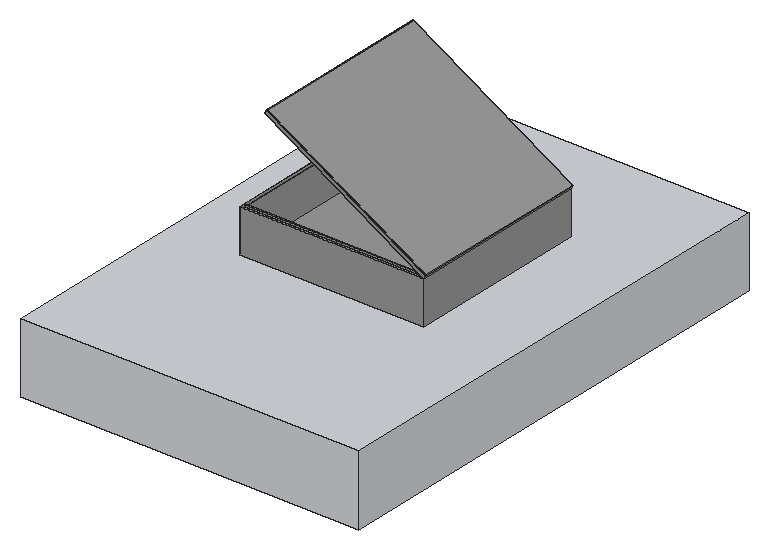
Revit family "Hager-Univers-IP54-D205-H800-Cl.II-Encl-CH-fr", category Equipement électrique, Revit 2020
Family settings
  Hôte = Face
  Configuration du panneau = Deux colonnes, circuits au sein
  Cote de connecteur circulaire = Utiliser le diamètre
  Type d'élément = Tableau de raccordement
  Couper avec des vides une fois chargée = Non
  Partagée = Non
  Point de calcul de pièce = Non
Parameters (values of type "saillie IP54 L800 H800 P205  - FP53QSW")
  Width Control [instance] = if([EF000008 - largeur] > Min Width, [EF000008 - largeur], Min Width)  # 800 mm
  Commentaires du type = [HG000003 - Gamme]  # "Univers"
  Thickness Door [instance] = if([EF009171 - épaisseur de matériau de la porte/du couvercle] > 3 mm, 3 mm, [EF009171 - épaisseur de matériau de la porte/du couvercle])  # 1 mm
  Seal Frame Offset [instance] = 17 mm  # constant formula
  Plinth Visibility [instance] = [HG000027 - Hauteur du socle] > 0 mm  # no
  Model = ""
  Min Width [instance] = 100 mm  # constant formula
  Min Height [instance] = 100 mm  # constant formula
  Min Depth [instance] = (2 * [EF009170 - épaisseur de matériau du boîtier]) + 1 mm  # 3 mm
  Internal Frame Depth [instance] = (Door System Depth * 0.5)  # 9 mm
  Height Control [instance] = if([EF000040 - hauteur] > Min Height, [EF000040 - hauteur], Min Height)  # 800 mm
  HG000027 - Hauteur du socle = 0 mm
  HG000026 - Installation au sol = no
  HG000024 - Hauteur de la section basse = 800 mm
  HG000023 - Armoire double section = no
  HG000016 - Visibilité de la porte 3D [instance] = yes
  HG000015 - Visibilité de l'emprise de la porte [instance] = no
  HG000014 - Porte à droite [instance] = yes
  HG000013 - Porte à gauche [instance] = not([HG000014 - Porte à droite])  # no
  HG000012 - Angle de pivotement de la porte [instance] = 30.00°
  HG000010 - Portes asymétriques = no
  HG000009 - Porte à double battant = no
  HG000006 - Encastré = no
  HG000004 - Référence fabricant = "FP53QSW"
  HG000003 - Gamme = "Univers"
  HG000002 - avec porte = yes
  Frame Offset Bottom [instance] = 10 mm  # constant formula
  Frame Offset [instance] = 15 mm  # constant formula
  EF015940 - couvercle avec décharge de pression = no
  EF011959 - degré de protection (NEMA) = ""
  EF009554 - nombre d'ouvertures pour plaques à bride = 6
  Fabricant = "Hager"  # constant formula
  EF009212 - finition du couvercle = "EV000116 - fermé"
  EF009171 - épaisseur de matériau de la porte/du couvercle = 1 mm
  EF009170 - épaisseur de matériau du boîtier = 1 mm
  EF008873 - courant nominal (In) = 250 A
  EF007800 - adapté à un parafoudre = no
  EF006306 - avec serrure = no
  EF006244 - couvercle/porte transparent(e) = no
  EF005474 - indice de protection (IP) = "EV006419 - IP54"
  EF004464 - type de porte = "EV002646 - unique"
  EF004427 - nombre de modules = 180
  EF004293 - indice de protection contre les chocs (IK) = "EV006815 - IK09"
  EF003532 - convient pour utilisation à l’extérieur = no
  EF002950 - largeur en nombre de modules = 36
  EF001613 - maintien de fonction = "EV000494 - sans"
  EF001596 - matériau du boîtier/corps = "EV000179 - acier"
  EF001131 - profondeur intérieure = 143 mm
  EF001088 - possibilité de montage en saillie = yes
  EF000437 - nombre d'entrées de conduit = 6
  EF000339 - type de capot = "EV001012 - couvercle"
  EF000266 - nombre de rangées = 5
  EF000218 - profondeur d'encastrement = 0 mm
  EF000118 - avec cadre/support de montage = no
  EF000116 - numéro RAL = "9010"
  EF000049 - profondeur = 205 mm
  EF000040 - hauteur = 800 mm
  EF000008 - largeur = 800 mm
  EF000007 - couleur = "EV000202 - blanc"
  EF000003 - mode de pose = "EV000384 - saillie"
  Door System Leaf Tolerance [instance] = 1.5 mm  # constant formula
  Door System Depth [instance] = 18 mm  # constant formula
  Door Height [instance] = Height Control - [HG000027 - Hauteur du socle]  # 800 mm
  Depth Control [instance] = if([EF000049 - profondeur] > Min Depth, [EF000049 - profondeur], Min Depth)  # 205 mm
  Default Elevation = 0 mm
  Connector Offset [instance] = Height Control / 2  # 400 mm
  Bottom Top Plate Trim [instance] = 1.5 mm  # constant formula
  Plinth height Ctrl [instance] = if([HG000027 - Hauteur du socle] > 0 mm, [HG000027 - Hauteur du socle], 12 mm)  # 12 mm
Types (4, lengths in mm): name | Width Control | HG000004 - Référence fabricant | EF009554 - nombre d'ouvertures pour plaques à bride | EF004464 - type de porte | EF004427 - nombre de modules | EF002950 - largeur en nombre de modules | EF001131 - profondeur intérieure | EF000437 - nombre d'entrées de conduit | EF000339 - type de capot | EF000008 - largeur
  saillie IP54 L1050 H800 P205  - FP54QSW | 1050 | "FP54QSW" | 8 | "EV003602 - double" | 240 | 48 | 130 | 8 | "EV004216 - porte" | 1050
  saillie IP54 L300 H800 P205  - FP51QSW | 300 | "FP51QSW" | 2 | "EV002646 - unique" | 60 | 12 | 130 | 2 | "EV001012 - couvercle" | 300
  saillie IP54 L550 H800 P205  - FP52QSW | 550 | "FP52QSW" | 4 | "EV002646 - unique" | 120 | 24 | 143 | 4 | "EV001012 - couvercle" | 550
  saillie IP54 L800 H800 P205  - FP53QSW | 800 | "FP53QSW" | 6 | "EV002646 - unique" | 180 | 36 | 143 | 6 | "EV001012 - couvercle" | 800
Reference planes
  plane 1 "Center (Front/Back)": y = 0
  plane 2: z = 0
  plane 3 "Center (Left/Right)": x = 0
  plane 4: z = 205
  plane 5: y = 1
  plane 6: y = 400
  plane 7: y = 0
  plane 8: y = 800
  plane 9: z = 0
  plane 10: x = -385
  plane 11: x = 385
  plane 12: x = 384
  plane 13: x = -384
  plane 14: y = 799
  plane 15: x = -383
  plane 16: x = -400
  plane 17: x = 383
  plane 18: x = 400
  plane 19: x = 399
  plane 20: x = -399
  plane 21: y = 11
  plane 22: y = 800
  plane 23: y = 784
  plane 24: z = 187
  plane 25: z = 1
  plane 26: z = 186
  plane 27: z = 204
Forms (mm)
  Extrusion 1, solid
    sketch origin (0, 0, 0) x (1, 0, 0) y (0, 1, 0)
      loop
        line (-702.964, 1305) -> (-702.964, -811.445) -> (766.763, -811.445) -> (766.763, 1305) -> (-702.964, 1305)
    from 0 to -304.8
  Extrusion 2, solid, material "Hager_Steel_RAL7035_Light_Grey", visible <- "Plinth Visibility", detail levels medium+fine
    sketch origin (0, 0, 0) x (1, 0, 0) y (0, 1, 0)
      loop
        line (-400, 0) -> (400, 0) -> (400, 12) -> (-400, 12) -> (-400, 0)
    from 0 to 187
  Extrusion 3, solid, material "Hager_Steel_RAL7035_Light_Grey", detail levels medium+fine
    sketch origin (0, 0, 0) x (1, 0, 0) y (0, 1, 0)
      loop
        line (-400, 0) -> (400, 0) -> (400, 800) -> (-400, 800) -> (-400, 0)
    from 0 to 187
  Extrusion 4, void
    sketch origin (0, 0, 0) x (1, 0, 0) y (0, 1, 0)
      loop
        line (-399, 1) -> (399, 1) -> (399, 799) -> (-399, 799) -> (-399, 1)
    from 1 to 186
  Extrusion 5, void
    sketch origin (-381.607, -4572, 187) x (0, -1, 0) y (-1, 0, 0)
      loop
        line (-4583, 2.393) -> (-5356, 2.393) -> (-5356, -765.607) -> (-4583, -765.607) -> (-4583, 2.393)
    from 0 to 1 <- "EF009170 - épaisseur de matériau du boîtier"
  Extrusion 6, solid, material "Hager_Steel_RAL7035_Light_Grey", detail levels fine
    sketch origin (0, 0, 187) x (1, 0, 0) y (0, 1, 0)
      loop
        line (-384, 784) -> (-384, 11) -> (384, 11) -> (384, 784) -> (-384, 784)
      loop
        line (-385, 10) -> (385, 10) -> (385, 785) -> (-385, 785) -> (-385, 10)
    from 0 to 9 <- "Internal Frame Depth"
  Extrusion 7, solid, material "Hager_Steel_RAL7035_Light_Grey", detail levels coarse
    sketch origin (0, 0, 0) x (1, 0, 0) y (0, 1, 0)
      loop
        line (-400, 0) -> (400, 0) -> (400, 800) -> (-400, 800) -> (-400, 0)
    from 0 to 205
  Sweep 8, void
    path in 3D
      loop
        line (-400, 12, 0) -> (400, 12, 0) -> (400, 12, 187) -> (-400, 12, 187) -> (-400, 12, 0)
    profile origin (-400, 12, 93.5) x (-1, 0, 0) y (0, -1, 0)
      loop
        line (0, 0) -> (0, 1.5) -> (-1.5, 1.5)
        arc (-1.5, 1.5) -> (-1.061, 0.439) -> (0, 0) r 1.5
Cuts and joins
  Extrusion 4, Extrusion 5 cuts Extrusion 3
  Sweep 8 cuts Extrusion 2
Lines and regions (mm)
  Masking region 1
    outline origin (0, 0, 0) x (1, 0, 0) y (0, 0, 1)
      loop
        line (-400, 205) -> (-400, 0) -> (400, 0) -> (400, 205) -> (-400, 205)
  Masking region 2, detail levels medium+fine
    outline origin (0, 140, 0) x (0, 1, 0) y (0, 0, 1)
      loop
        line (-140, 0) -> (660, 0) -> (660, 187) -> (-140, 187) -> (-140, 0)
  Masking region 3, not visible, detail levels medium+fine
    outline origin (0, 297.922, 0) x (0, 1, 0) y (0, 0, 1)
      loop
        line (113.578, 0) -> (153.578, 0) -> (153.578, 194)
        arc (153.578, 194) -> (150.649, 201.071) -> (143.578, 204) r 10
        line (143.578, 204) -> (113.578, 204) -> (113.578, 0)
  Masking region 4, detail levels coarse
    outline origin (0, 0, 180) x (0, 1, 0) y (0, 0, 1)
      loop
        line (0, -180) -> (800, -180) -> (800, 25) -> (0, 25) -> (0, -180)
  Masking region 5, visible <- "Plinth Visibility", detail levels medium+fine
    outline origin (0, 52.24, 12.345) x (0, 0, -1) y (0, 1, 0)
      loop
        line (10.845, -40.24) -> (-173.155, -40.24)
        arc (-173.155, -40.24) -> (-173.594, -41.301) -> (-174.655, -41.74) r 1.5
        line (-174.655, -41.74) -> (-174.655, -52.24) -> (12.345, -52.24) -> (12.345, -41.74)
        arc (12.345, -41.74) -> (11.285, -41.301) -> (10.845, -40.24) r 1.5
  Masking region 6, detail levels medium+fine
    outline origin (-381.607, -4572, 187) x (-1, 0, 0) y (0, -1, 0)
      loop
        line (18.393, -5372) -> (18.393, -4572) -> (-781.607, -4572) -> (-781.607, -5372) -> (18.393, -5372)
  Masking region 7, visible <- "Plinth Visibility", detail levels medium+fine
    outline origin (-381.607, -4727, 187) x (-1, 0, 0) y (0, -1, 0)
      loop
        arc (16.893, -4739) -> (17.332, -4737.939) -> (18.393, -4737.5) r 1.5
        line (18.393, -4737.5) -> (18.393, -4727) -> (-781.607, -4727) -> (-781.607, -4737.5)
        arc (-781.607, -4737.5) -> (-780.546, -4737.939) -> (-780.107, -4739) r 1.5
        line (-780.107, -4739) -> (16.893, -4739)
  Masking region 8, detail levels coarse
    outline origin (-442.548, -4669.526, 187) x (-1, 0, 0) y (0, -1, 0)
      loop
        line (-42.548, -5469.526) -> (-42.548, -4669.526) -> (-842.548, -4669.526) -> (-842.548, -5469.526) -> (-42.548, -5469.526)
  sketch lines
    curve 1: line (-400, 12, 187) -> (-400, 12, 0)
    curve 2: line (400, 12, 187) -> (-400, 12, 187)
    curve 3: line (400, 12, 187) -> (400, 12, 0)
    curve 4: line (-400, 12, 0) -> (400, 12, 0)
Dimensions and locks
  "Depth Control": plane 4 to Extrusion 1
  "HG000027 - Hauteur du socle": plane 1 "Center (Front/Back)" to plane 7
  "EF009170 - épaisseur de matériau du boîtier": plane 5 to plane 7
  locked: connector elem to plane 3 "Center (Left/Right)"
  equal spacing: plane 8, plane 6, plane 7
  locked: connector elem to plane 6
  "EF009170 - épaisseur de matériau du boîtier": plane 8 to plane 14
  "EF009170 - épaisseur de matériau du boîtier": plane 10 to plane 13
  "EF009170 - épaisseur de matériau du boîtier": plane 12 to plane 11
  "Frame Offset": plane 20 to plane 13
  "Frame Offset": plane 12 to plane 19
  "EF009170 - épaisseur de matériau du boîtier": plane 16 to plane 20
  "EF009170 - épaisseur de matériau du boîtier": plane 19 to plane 18
  "Seal Frame Offset": plane 16 to plane 15
  "Seal Frame Offset": plane 17 to plane 18
  "Frame Offset Bottom": plane 21 to plane 5
  "Frame Offset": plane 14 to plane 23
  equal spacing: plane 16, plane 3 "Center (Left/Right)", plane 18
  "Width Control": plane 16 to plane 18
  "EF009170 - épaisseur de matériau du boîtier": plane 4 to plane 27
  "EF009170 - épaisseur de matériau du boîtier": plane 24 to plane 26
  "EF009170 - épaisseur de matériau du boîtier": plane 25 to level
  "Door System Depth": plane 4 to plane 24
  "Height Control": plane 1 "Center (Front/Back)" to Extrusion 7 sketch curve
  "Height Control": Masking region 4 sketch curve to plane 1 "Center (Front/Back)"
  "Height Control": plane 1 "Center (Front/Back)" to plane 22
  "Bottom Top Plate Trim": profile plane to Sweep 8 sketch curve
  "Bottom Top Plate Trim": Sweep 8 sketch curve to profile plane
  "Plinth height Ctrl": plane 1 "Center (Front/Back)" to Extrusion 2 sketch curve
  "Plinth height Ctrl": Masking region 5 sketch curve to plane 1 "Center (Front/Back)"
  "Plinth height Ctrl": plane 1 "Center (Front/Back)" to Masking region 7 sketch curve
  "Thickness Door": Extrusion 6 sketch curve to Extrusion 6 sketch curve  (x3)
  "Thickness Door": cut or joined group of Extrusion 3, Extrusion 4, Extrusion 5 to Extrusion 6 sketch curve
  radius of Masking region 3 sketch curve = 10 mm
  "Bottom Top Plate Trim": radius of Masking region 5 sketch curve  (x2)
  "Bottom Top Plate Trim": radius of Sweep 8 sketch curve
  "Bottom Top Plate Trim": radius of Masking region 7 sketch curve  (x2)
  aligned and locked: plane 2 to Extrusion 1
  aligned and locked: level to Extrusion 1
  aligned and locked: level to Masking region 1 sketch curve
  aligned and locked: Masking region 1 sketch curve to plane 18
  aligned and locked: Masking region 1 sketch curve to plane 16
  aligned and locked: plane 7 to Masking region 2 sketch curve
  aligned and locked: level to Masking region 3 sketch curve
  aligned and locked: Masking region 3 sketch curve to plane 27
  aligned and locked: level to Masking region 2 sketch curve
  aligned and locked: plane 1 "Center (Front/Back)" to Extrusion 2 sketch curve
  aligned and locked: Extrusion 3 sketch curve to plane 7
  aligned and locked: plane 16 to Extrusion 3 sketch curve
  aligned and locked: plane 18 to Extrusion 3 sketch curve
  aligned and locked: plane 20 to Extrusion 4 sketch curve
  aligned and locked: plane 19 to Extrusion 4 sketch curve
  aligned and locked: Extrusion 4 sketch curve to plane 5
  aligned and locked: Extrusion 4 to plane 25
  aligned and locked: plane 26 to Extrusion 4
  aligned and locked: plane 24 to Extrusion 3
  aligned and locked: Extrusion 5 sketch curve to plane 21
  aligned and locked: Extrusion 5 sketch curve to plane 13
  aligned and locked: Extrusion 5 sketch curve to plane 12
  aligned and locked: plane 18 to Extrusion 7 sketch curve
  aligned and locked: plane 1 "Center (Front/Back)" to Extrusion 7 sketch curve
  aligned and locked: plane 16 to Extrusion 7 sketch curve
  aligned and locked: plane 4 to Extrusion 7
  aligned and locked: Extrusion 7 to level
  aligned and locked: level to Masking region 4 sketch curve
  aligned and locked: Masking region 4 sketch curve to plane 1 "Center (Front/Back)"
  aligned and locked: Masking region 4 sketch curve to plane 4
  aligned and locked: nested 1 to level
  aligned and locked: nested 1 to plane 16
  aligned and locked: plane 8 to Extrusion 3 sketch curve
  aligned and locked: plane 23 to Extrusion 5 sketch curve
  aligned and locked: plane 14 to Extrusion 4 sketch curve
  aligned and locked: Masking region 2 sketch curve to plane 8
  aligned and locked: level to Masking region 5 sketch curve
  aligned and locked: plane 16 to Extrusion 2 sketch curve
  aligned and locked: plane 18 to Extrusion 2 sketch curve
  aligned and locked: Masking region 5 sketch curve to plane 24
  aligned and locked: Masking region 2 sketch curve to plane 24
  aligned and locked: plane 24 to Extrusion 2
  aligned and locked: profile plane to Sweep 8 sketch curve  (x2)
  aligned and locked: Masking region 6 sketch curve to plane 18
  aligned and locked: Masking region 6 sketch curve to plane 22
  aligned and locked: Masking region 6 sketch curve to plane 16
  aligned and locked: plane 8 to plane 22
  aligned and locked: Masking region 6 sketch curve to plane 7
  aligned and locked: Masking region 7 sketch curve to plane 16
  aligned and locked: Masking region 7 sketch curve to plane 1 "Center (Front/Back)"
  aligned and locked: Masking region 7 sketch curve to plane 18
  aligned and locked: Masking region 8 sketch curve to plane 1 "Center (Front/Back)"
  aligned and locked: Masking region 8 sketch curve to plane 18
  aligned and locked: Masking region 8 sketch curve to plane 22
  aligned and locked: Masking region 8 sketch curve to plane 16
  aligned and locked: nested 2 to plane 7
  aligned and locked: plane 3 "Center (Left/Right)" to nested 2
  aligned and locked: nested 2 to plane 24
  aligned and locked: Extrusion 6 sketch curve to cut or joined group of Extrusion 3, Extrusion 4, Extrusion 5  (x4)
Automatic sketch dimensions
  Extrusion 1 sketch curve to Extrusion 1 sketch curve = 1469.727 mm
  Extrusion 1 sketch curve to Extrusion 1 sketch curve = 2116.445 mm
  Masking region 1 sketch curve to plane 4 = 0 mm
  plane 6 to Masking region 3 sketch curve = 11.5 mm
  Masking region 3 sketch curve to Masking region 3 sketch curve = 30 mm
  Masking region 5 sketch curve to plane 1 "Center (Front/Back)" = 0 mm
Nested families
  nested 1: "Hager_Enclosure_Symbol" at (-400, 0, 0) x (1, 0, 0) z (0, -1, 0), Height <- "Depth Control", Width <- "Width Control", type "Hager_Enclosure_Symbol"
    with Width_Ctrl 800 mm, Width 800 mm, Height_Ctrl 205 mm, Height 205 mm, A_Width_Int 13.453 mm, A_Width 161.438 mm, A_Height_Ctrl 179.375 mm, A_Height 179.375 mm
  nested 2: "EC000058_Univers_Door" at (0, 0, 187) x (1, 0, 0) z (0, 1, 0), Leaf_Tolerance <- "Door System Leaf Tolerance", Angle <- "HG000012 - Angle de pivotement de la porte", Door_Depth <- "Door System Depth", Door_Left <- "HG000013 - Porte à gauche", Transparent <- "EF006244 - couvercle/porte transparent(e)", Assymetrical <- "HG000010 - Portes asymétriques", Width <- "Width Control", Clearance <- "HG000015 - Visibilité de l'emprise de la porte", Double <- "HG000009 - Porte à double battant", 3d_Door <- "HG000016 - Visibilité de la porte 3D", Lock_Visibility <- "EF006306 - avec serrure", Width_Ctrl <- "Width Control", Door_Right <- "HG000014 - Porte à droite", Door <- "HG000002 - avec porte", Height <- "Door Height", Thickness <- "Thickness Door", type "EC000058_Univers_Door", detail levels medium+fine
    with min_wh 3 mm, Width_Ctrl 800 mm, Width 800 mm, Transparent no, Thickness 1 mm, Seal_Material Hager_Rubber, Lock_Visibility no, Lock_Material Hager_Plastic_RAL9005_Jet_Black, Leaf_Width 800 mm, Leaf_Tolerance_External_Sides 0 mm, Leaf_Tolerance 1.5 mm, Leaf_Offset 0 mm, Leaf_Height 797 mm, Leaf_2_Width 800 mm, Leaf_2_Offset 400 mm, Leaf_1_Width 800 mm, Leaf_1_Offset 400 mm, Height_Ctrl 800 mm, Height 800 mm, Glass_Material Hager_Glass, Double_Clearance_Ctrl no, Double no, Door_Right_Ctrl yes, Door_Right yes, Door_Material Hager_Steel_RAL7035_Light_Grey, Door_Left_Ctrl no, Door_Left no, Door_Depth 18 mm, Door yes, Clearance_Material Hager_Clearance, Clearance_Depth 800 mm, Clearance_Ctrl no, Clearance no, Assymetrical no, Angle 30.00°, 3d_Door yes
Connectors
  electrical at (0, 400, 0)
    settings: on plane 9, index 1, voltage 0 V, apparent load 0 VA, apparent load phase1 0 VA, apparent load phase2 0 VA, apparent load phase3 0 VA, power factor 1, load classification "Other", number of poles 1, system type 30, power factor state 1, is connector primary yes, connector utility no, sub classification motor no, connector description ""
Definition of nested family "EC000058_Univers_Door"
  Parameters (values of type "EC000058_Univers_Door")
    min_wh [instance] = (2 * Thickness) + 1 mm  # 11 mm
    Width_Ctrl [instance] = 400 mm
    Width [instance] = 500 mm
    Transparent [instance] = yes
    Thickness [instance] = 5 mm
    Seal_Material [instance] = none
    Lock_Visibility [instance] = yes
    Lock_Material [instance] = none
    Leaf_Width [instance] = if((Width_Ctrl - 2 * Leaf_Tolerance_External_Sides) > 0 mm, (Width_Ctrl - 2 * Leaf_Tolerance_External_Sides), min_wh)  # 400 mm
    Leaf_Tolerance_External_Sides [instance] = 0 mm  # constant formula
    Leaf_Tolerance [instance] = 1.5 mm
    Leaf_Offset [instance] = 0 mm  # constant formula
    Leaf_Height [instance] = if((Height_Ctrl - 2 * Leaf_Tolerance) > 0 mm, (Height_Ctrl - 2 * Leaf_Tolerance), min_wh)  # 497 mm
    Leaf_2_Width [instance] = if(and(and(Double, Assymetrical), Door_Left), (Leaf_Width / 3) - (Leaf_Tolerance / 2), if(and(and(Double, Assymetrical), Door_Right), (Leaf_Width / 3) * 2 - (Leaf_Tolerance / 2), if(and(Double, not(Assymetrical)), (Leaf_Width / 2) - Leaf_Tolerance, Leaf_Width)))  # 400 mm
    Leaf_2_Offset [instance] = if(and(Double, Assymetrical), Leaf_2_Width / 2, if(and(Double, not(Assymetrical)), Leaf_Width / 4, Leaf_Width / 2))  # 200 mm
    Leaf_1_Width [instance] = if(and(and(Double, Assymetrical), Door_Right), (Leaf_Width / 3) - (Leaf_Tolerance / 2), if(and(and(Double, Assymetrical), Door_Left), (Width / 3) * 2 - (Leaf_Tolerance / 2), if(and(Double, not(Assymetrical)), (Leaf_Width / 2) - Leaf_Tolerance, Leaf_Width)))  # 400 mm
    Leaf_1_Offset [instance] = if(and(Double, Assymetrical), Leaf_1_Width / 2, if(and(Double, not(Assymetrical)), Leaf_Width / 4, Leaf_Width / 2))  # 200 mm
    Height_Ctrl [instance] = if(Height > min_wh, Height, min_wh)  # 500 mm
    Height [instance] = 500 mm
    Glass_Material [instance] = none
    Double_Clearance_Ctrl [instance] = and(Double, Clearance)  # no
    Double [instance] = no
    Door_Right_Ctrl [instance] = and(or(Door_Right, Double), Door)  # yes
    Door_Right [instance] = yes
    Door_Material [instance] = none
    Door_Left_Ctrl [instance] = and(or(Door_Left, Double), Door)  # no
    Door_Left [instance] = no
    Door_Depth [instance] = 30 mm
    Door [instance] = yes
    Default Elevation = 1219.2 mm
    Clearance_Material [instance] = none
    Clearance_Depth [instance] = if(Leaf_1_Width > Leaf_2_Width, Leaf_1_Width, Leaf_2_Width)  # 400 mm
    Clearance_Ctrl [instance] = and(not(Double), Clearance)  # yes
    Clearance [instance] = yes
    Assymetrical [instance] = yes
    Angle [instance] = 30.00°
    3d_Door [instance] = yes
  Reference planes
    plane 1 "Center (Front/Back)": y = 0
    plane 2 "Bottom": z = 0
    plane 3 "Center (Left/Right)": x = 0
    plane 4: z = 500
    plane 5: x = -200
    plane 6: x = 200
    plane 7: z = 500
    plane 8: x = -200
    plane 9: z = 0
    plane 10: x = 200
    plane 11: y = 0
    plane 12: z = 1.5
    plane 13: x = -600
    plane 14: y = -400
    plane 15: x = 600
    plane 16: x = 0
    plane 17: x = 0
    plane 18: x = -200
    plane 19: x = 200
    plane 20: z = 498.5
  Forms (mm)
    Extrusion 1, solid, material <- "Clearance_Material", visible <- "Double_Clearance_Ctrl"
      sketch origin (1200, 0, 0) x (1, 0, 0) y (0, 0, -1)
        loop
          line (-1800, -498.5) -> (-600, -498.5) -> (-600, 0) -> (-1800, 0) -> (-1800, -498.5)
      from 0 to -400
  Dimensions and locks
    equal spacing: plane 5, plane 3 "Center (Left/Right)", plane 6
    "Width_Ctrl": plane 5 to plane 6
    "Leaf_Offset": plane 5 to plane 8
    "Leaf_Offset": plane 6 to plane 10
    "Leaf_Offset": plane 9 to level
    "Leaf_Offset": plane 4 to plane 7
    "Height_Ctrl": plane 4 to level
    "Leaf_Tolerance": plane 12 to plane 9
    locked: plane 11 to plane 1 "Center (Front/Back)"
    "Leaf_1_Offset": plane 18 to plane 16
    "Leaf_2_Offset": plane 17 to plane 19
    "Leaf_1_Width": plane 13 to plane 8
    "Leaf_2_Width": plane 10 to plane 15
    "Clearance_Depth": plane 14 to plane 1 "Center (Front/Back)"
    "Leaf_Tolerance_External_Sides": plane 8 to plane 18
    "Leaf_Tolerance_External_Sides": plane 19 to plane 10
    "Leaf_Tolerance": plane 7 to plane 20
    aligned and locked: level to plane 2 "Bottom"
    aligned and locked: nested 1 to plane 16
    aligned and locked: nested 2 to plane 17
    aligned and locked: Extrusion 1 to plane 13
    aligned and locked: plane 15 to Extrusion 1
    aligned and locked: Extrusion 1 to plane 14
    aligned and locked: plane 12 to nested 1
    aligned and locked: nested 2 to plane 12
    aligned and locked: Extrusion 1 to plane 11
    aligned and locked: plane 20 to Extrusion 1
    aligned and locked: nested 2 to plane 11
    aligned and locked: nested 1 to plane 11
  Automatic sketch dimensions
    Extrusion 1 sketch curve to level = 0 mm
    plane 5 to Extrusion 1 sketch curve = 400 mm
    plane 6 to Extrusion 1 sketch curve = 400 mm
    Extrusion 1 sketch curve to plane 4 = 1.5 mm
  Nested families
    nested 1: "EC000058_Univers_Door_Leaf" at (0, 0, 1.5), Width <- "Leaf_1_Width", visible <- "Door_Left_Ctrl", Leaf_Height <- "Leaf_Height", Angle <- "Angle", 3d_Door <- "3d_Door", Transparent <- "Transparent", Clearance Material <- "Clearance_Material", Clearance <- "Clearance_Ctrl", Door_Material <- "Door_Material", Glass_Material <- "Glass_Material", Door_Depth <- "Door_Depth", Lock_Material <- "Lock_Material", Seal_Material <- "Seal_Material", Lock_Visibility <- "Lock_Visibility", Thickness <- "Thickness", type "EC000058_Univers_Door_Leaf"
      with Width 400 mm, Transparent_Glass_Offset 30 mm, Transparent_Ctrl yes, Transparent yes, Thickness 5 mm, Standard no, Seal_Material none, Seal_D2 8 mm, Seal_D1 1 mm, Offset_Internal_Frame 10 mm, Lock_Width 20 mm, Lock_Visibility_3d yes, Lock_Visibility yes, Lock_Thickness_3 3 mm, Lock_Thickness_2 1 mm, Lock_Thickness_1 3 mm, Lock_Radius_Offset_2 16 mm, Lock_Radius_Offset_1 15 mm, Lock_Radius_2 5 mm, Lock_Radius 6 mm, Lock_Offset 5 mm, Lock_Material none, Lock_Height 80 mm, Lock_Cover_Top_Offset_2d 17 mm, Lock_Cover_Height -65 mm, Leaf_Height 497 mm, Internal_Seal_Thickness 8 mm, Internal_Seal_Depth_2 4.5 mm, Internal_Frame_Depth 25 mm, Glass_Thickness -1 mm, Glass_Offset -2 mm, Glass_Material none, Door_Material none, Door_Depth 30 mm, Clearance Material none, Clearance yes, Angle_Ctrl 30.00°, Angle 30.00°, 3d_Door yes
    nested 2: "EC000058_Univers_Door_Leaf" at (0, 0, 1.5) x (-1, 0, 0) z (0, 0, 1), Width <- "Leaf_2_Width", visible <- "Door_Right_Ctrl", Leaf_Height <- "Leaf_Height", Angle <- "Angle", 3d_Door <- "3d_Door", Transparent <- "Transparent", Clearance Material <- "Clearance_Material", Clearance <- "Clearance_Ctrl", Door_Material <- "Door_Material", Glass_Material <- "Glass_Material", Door_Depth <- "Door_Depth", Lock_Material <- "Lock_Material", Seal_Material <- "Seal_Material", Lock_Visibility <- "Lock_Visibility", Thickness <- "Thickness", type "EC000058_Univers_Door_Leaf"
      with Width 400 mm, Transparent_Glass_Offset 30 mm, Transparent_Ctrl yes, Transparent yes, Thickness 5 mm, Standard no, Seal_Material none, Seal_D2 8 mm, Seal_D1 1 mm, Offset_Internal_Frame 10 mm, Lock_Width 20 mm, Lock_Visibility_3d yes, Lock_Visibility yes, Lock_Thickness_3 3 mm, Lock_Thickness_2 1 mm, Lock_Thickness_1 3 mm, Lock_Radius_Offset_2 16 mm, Lock_Radius_Offset_1 15 mm, Lock_Radius_2 5 mm, Lock_Radius 6 mm, Lock_Offset 5 mm, Lock_Material none, Lock_Height 80 mm, Lock_Cover_Top_Offset_2d 17 mm, Lock_Cover_Height -65 mm, Leaf_Height 497 mm, Internal_Seal_Thickness 8 mm, Internal_Seal_Depth_2 4.5 mm, Internal_Frame_Depth 25 mm, Glass_Thickness -1 mm, Glass_Offset -2 mm, Glass_Material none, Door_Material none, Door_Depth 30 mm, Clearance Material none, Clearance yes, Angle_Ctrl 30.00°, Angle 30.00°, 3d_Door yes
  Definition of nested family "EC000058_Univers_Door_Leaf"
    Parameters (values of type "EC000058_Univers_Door_Leaf")
      Width [instance] = 2000 mm
      Transparent_Glass_Offset [instance] = 30 mm
      Transparent_Ctrl [instance] = and(Transparent, [3d_Door])  # yes
      Transparent [instance] = yes
      Thickness [instance] = 5 mm
      Standard [instance] = and(not(Transparent), [3d_Door])  # no
      Seal_Material [instance] = none
      Seal_D2 [instance] = 8 mm  # constant formula
      Seal_D1 [instance] = 1 mm  # constant formula
      Offset_Internal_Frame [instance] = 10 mm  # constant formula
      Lock_Width [instance] = 20 mm  # constant formula
      Lock_Visibility_3d [instance] = and(Lock_Visibility, [3d_Door])  # yes
      Lock_Visibility [instance] = yes
      Lock_Thickness_3 [instance] = 3 mm  # constant formula
      Lock_Thickness_2 [instance] = 1 mm  # constant formula
      Lock_Thickness_1 [instance] = 3 mm  # constant formula
      Lock_Radius_Offset_2 [instance] = Lock_Radius_Offset_1 + 1 mm  # 16 mm
      Lock_Radius_Offset_1 [instance] = 15 mm  # constant formula
      Lock_Radius_2 [instance] = Lock_Radius - 1 mm  # 5 mm
      Lock_Radius [instance] = 6 mm  # constant formula
      Lock_Offset [instance] = 5 mm  # constant formula
      Lock_Material [instance] = none
      Lock_Height [instance] = 80 mm  # constant formula
      Lock_Cover_Top_Offset_2d [instance] = Lock_Radius_Offset_2 + 1 mm  # 17 mm
      Lock_Cover_Height [instance] = -(Lock_Height - Lock_Radius_Offset_1)  # -65 mm
      Leaf_Height [instance] = 2720.336 mm
      Internal_Seal_Thickness [instance] = 8 mm  # constant formula
      Internal_Seal_Depth_2 [instance] = 4.5 mm  # constant formula
      Internal_Frame_Depth [instance] = if(Door_Depth - Thickness > 5 mm, Door_Depth - Thickness, 5 mm)  # 25 mm
      Glass_Thickness [instance] = if(Thickness > 15 mm, Glass_Offset + 10 mm, -1 mm)  # -1 mm
      Glass_Offset [instance] = if(Thickness > 15 mm, -(Thickness + 10 mm) / 2, -2 mm)  # -2 mm
      Glass_Material [instance] = none
      Door_Material [instance] = none
      Door_Depth [instance] = 30 mm
      Default Elevation = 0 mm
      Clearance Material [instance] = none
      Clearance [instance] = yes
      Angle_Ctrl [instance] = if(Angle > 180.00°, 180.00°, Angle)  # 90.00°
      Angle [instance] = 90.00°
      3d_Door [instance] = yes
    Reference planes
      plane 1 "Center (Front/Back)": y = 0
      plane 2: z = 0
      plane 3 "Center (Left/Right)": x = 0
      plane 4: y = 2000
      plane 5: x = -1000
      plane 6: x = 1000
      plane 7: x = -3000
      plane 8: z = 2720.336
      plane 9: z = 30
      plane 10: z = 2690.336
      plane 11: x = 970
      plane 12: x = -970
      plane 13: y = -3
      plane 14: z = 107.833
      plane 15: y = -5
      plane 16: y = -223.314
      plane 17: x = -1000
      plane 18: z = 1360.168
      plane 19: y = 30
    Forms (mm)
      Extrusion 1, solid, material <- "Clearance Material", visible <- "Clearance"
        sketch origin (0, 0, 0) x (1, 0, 0) y (0, 0, 1)
          loop
            line (-3000, 2720.336) -> (-3000, 0) -> (1000, 0) -> (1000, 2720.336) -> (-3000, 2720.336)
        from 0 to -2000
      Extrusion 2, solid, material <- "Door_Material", visible <- "Standard", detail levels medium+fine
        sketch origin (-1000, 0, 0) x (0, 1, 0) y (-1, 0, 0)
          loop
            line (0, 30) -> (0, 25) -> (2000, 25) -> (2000, 30) -> (0, 30)
        from 0 to 2720.336 <- "Leaf_Height"
      Extrusion 3, solid, material <- "Door_Material", visible <- "Transparent_Ctrl", detail levels medium+fine
        sketch origin (-1000, 0, 0) x (0, 1, 0) y (-1, 0, 0)
          loop
            line (0, 25) -> (2000, 25) -> (2000, 30) -> (0, 30) -> (0, 25)
        from 0 to 2720.336 <- "Leaf_Height"
      Extrusion 4, void
        sketch origin (-1025, 2000, 0) x (0, 1, 0) y (0, 0, -1)
          loop
            line (-30, -2690.336) -> (-30, -30) -> (-1970, -30) -> (-1970, -2690.336) -> (-30, -2690.336)
        from 0 to 5 <- "Thickness"
      Sweep 5, solid, material <- "Seal_Material", visible <- "Transparent_Ctrl", detail levels fine
        path in 3D
          loop
            line (-1025, 30, 30) -> (-1025, 30, 2690.336) -> (-1025, 1970, 2690.336) -> (-1025, 1970, 30) -> (-1025, 30, 30)
        profile origin (-1025, 1000, 30) x (1, 0, 0) y (0, 0, 1)
          loop
            line (0, 0) -> (0, -8) -> (1, -8) -> (1, 0) -> (0, 0)
      Extrusion 6, solid, material <- "Glass_Material", visible <- "Transparent_Ctrl", detail levels medium+fine
        sketch origin (-1030, 0, 0) x (0, 1, 0) y (0, 0, -1)
          loop
            line (1970, -2690.336) -> (1970, -30) -> (30, -30) -> (30, -2690.336) -> (1970, -2690.336)
        from -2 <- "Glass_Offset" to -1 <- "Glass_Thickness"
      Extrusion 7, solid, material <- "Door_Material", visible <- "3d_Door", detail levels medium+fine
        sketch origin (-1025, 2000, 0) x (0, -1, 0) y (0, 0, -1)
          loop
            line (0, -2720.336) -> (2000, -2720.336) -> (2000, 0) -> (0, 0) -> (0, -2720.336)
          loop
            line (1995, -5) -> (5, -5) -> (5, -2715.336) -> (1995, -2715.336) -> (1995, -5)
        from 0 to 25 <- "Internal_Frame_Depth"
      Sweep 8, solid, material <- "Seal_Material", visible <- "Transparent_Ctrl", detail levels fine
        path in 3D
          loop
            line (-1025, 0, 0) -> (-1025, 2000, 0) -> (-1025, 2000, 2720.336) -> (-1025, 0, 2720.336) -> (-1025, 0, 0)
        profile origin (-1025, 0, 1360.168) x (1, 0, 0) y (0, 1, 0)
          loop
            line (0, 10) -> (2.975, 10)
            arc (2.975, 10) -> (4.053, 10.447) -> (4.5, 11.525) r 1.525
            line (4.5, 11.525) -> (4.5, 16.527)
            arc (4.5, 16.527) -> (4.069, 17.569) -> (3.027, 18) r 1.473
            line (3.027, 18) -> (0, 18) -> (0, 10)
      Extrusion 9, solid, material <- "Lock_Material", visible <- "Lock_Visibility_3d", detail levels fine
        sketch origin (-1030, 0, 0) x (0, 1, 0) y (0, 0, -1)
          loop
            arc (1993.5, -1400.168) -> (1994.561, -1399.729) -> (1995, -1398.668) r 1.5
            line (1995, -1398.668) -> (1995, -1320.168) -> (1975, -1320.168) -> (1975, -1398.668)
            arc (1975, -1398.668) -> (1975.439, -1399.729) -> (1976.5, -1400.168) r 1.5
            line (1976.5, -1400.168) -> (1993.5, -1400.168)
        from 3 <- "Lock_Thickness_1" to 0
      Blend 10, solid, material <- "Lock_Material", visible <- "Lock_Visibility_3d", detail levels fine
        base sketch origin (-1033, 0, 0) x (0, 1, 0) y (0, 0, -1)
          loop
            line (1975, -1320.168) -> (1975, -1398.668)
            arc (1975, -1398.668) -> (1975.439, -1399.729) -> (1976.5, -1400.168) r 1.5
            line (1976.5, -1400.168) -> (1993.5, -1400.168)
            arc (1993.5, -1400.168) -> (1994.561, -1399.729) -> (1995, -1398.668) r 1.5
            line (1995, -1398.668) -> (1995, -1320.168) -> (1975, -1320.168)
        top sketch origin (-1033, 0, 0) x (0, 1, 0) y (0, 0, -1)
          loop
            line (1976, -1320.168) -> (1976, -1398.668)
            arc (1976, -1398.668) -> (1976.146, -1399.022) -> (1976.5, -1399.168) r 0.5
            line (1976.5, -1399.168) -> (1993.5, -1399.168)
            arc (1993.5, -1399.168) -> (1993.854, -1399.022) -> (1994, -1398.668) r 0.5
            line (1994, -1398.668) -> (1994, -1320.168) -> (1976, -1320.168)
        from 0 to 1 <- "Lock_Thickness_2"
      Blend 11, solid, material <- "Lock_Material", visible <- "Lock_Visibility_3d", detail levels fine
        base sketch origin (-1034, 0, 0) x (0, 1, 0) y (0, 0, -1)
          loop
            line (1978, -1320.168) -> (1978, -1384.168)
            arc (1978, -1384.168) -> (1985, -1391.168) -> (1992, -1384.168) r 7
            line (1992, -1384.168) -> (1992, -1320.168) -> (1978, -1320.168)
        top sketch origin (-1034, 0, 0) x (0, 1, 0) y (0, 0, -1)
          loop
            line (1991, -1320.168) -> (1979, -1320.168) -> (1979, -1383.168)
            arc (1979, -1383.168) -> (1985, -1389.168) -> (1991, -1383.168) r 6
            line (1991, -1383.168) -> (1991, -1320.168)
        from 0 to 3 <- "Lock_Thickness_3"
      Extrusion 12, solid, material <- "Lock_Material", visible <- "Lock_Visibility_3d", detail levels fine
        sketch origin (-1030, 1975, 1320.168) x (1, 0, 0) y (0, -1, 0)
          loop
            line (-7, -19) -> (-7, -1) -> (0, -1) -> (0, 0) -> (-8, 0) -> (-8, -20) -> (0, -20) -> (0, -19) -> (-7, -19)
        from 0 to -65 <- "Lock_Cover_Height"
      Extrusion 13, void
        sketch origin (-1038, 1995, 1320.168) x (-1, 0, 0) y (0, 0, -1)
          loop
            line (-5, -65) -> (0, -65) -> (-5, -60) -> (-5, -65)
        from 0 to 20 <- "Lock_Width"
      Extrusion 14, void
        sketch origin (-1038, 1975, 1320.168) x (0, -1, 0) y (0, 0, -1)
          loop
            circle (-10, -15.995) r 6
          loop
            circle (-10, -15.995) r 5
        from 0 to 2
      Extrusion 15, solid, material <- "Lock_Material", visible <- "Lock_Visibility_3d", detail levels medium
        sketch origin (-1030, 0, 0) x (0, 1, 0) y (0, 0, -1)
          loop
            arc (1993.5, -1400.168) -> (1994.561, -1399.729) -> (1995, -1398.668) r 1.5
            line (1995, -1398.668) -> (1995, -1320.168) -> (1975, -1320.168) -> (1975, -1398.668)
            arc (1975, -1398.668) -> (1975.439, -1399.729) -> (1976.5, -1400.168) r 1.5
            line (1976.5, -1400.168) -> (1993.5, -1400.168)
        from 8 to 0
    Cuts and joins
      Extrusion 4 cuts Extrusion 3
      Extrusion 13, Extrusion 14 cuts Extrusion 9
      Extrusion 14 cuts Blend 11
      Extrusion 13, Extrusion 14 cuts Extrusion 12
      joined: Extrusion 9, Blend 10, Blend 11, Extrusion 12
      Extrusion 14 cuts Extrusion 15
    Lines and regions (mm)
      Masking region 1, visible <- "Lock_Visibility", detail levels fine
        outline origin (0, 0, 0) x (0, 1, 0) y (0, 0, 1)
          loop
            line (30, 1320.168) -> (33, 1320.168) -> (33, 1400.168) -> (30, 1400.168) -> (30, 1320.168)
      Masking region 2, visible <- "Lock_Visibility", detail levels fine
        outline origin (0, 3.143, 0) x (0, 1, 0) y (0, 0, 1)
          loop
            line (29.857, 1354.168) -> (30.857, 1354.168) -> (30.857, 1366.168) -> (29.857, 1366.168) -> (29.857, 1354.168)
      Masking region 3, detail levels medium+fine
        outline origin (0, 0, 0) x (0, 1, 0) y (0, 0, 1)
          loop
            line (0, 0) -> (30, 0) -> (30, 2720.336) -> (0, 2720.336) -> (0, 0)
      Masking region 4, detail levels medium+fine
        outline origin (0, 0, 0) x (1, 0, 0) y (0, 0, 1)
          loop
            line (-1000, 2720.336) -> (-1000, 0) -> (1000, 0) -> (1000, 2720.336) -> (-1000, 2720.336)
      Masking region 5, visible <- "Lock_Visibility", detail levels fine
        outline origin (-47.116, 0, 0) x (1, 0, 0) y (0, 0, 1)
          loop
            arc (1024.616, 1399.168) -> (1023.556, 1398.729) -> (1023.116, 1397.668) r 1.5
            line (1023.116, 1397.668) -> (1023.116, 1320.168) -> (1041.116, 1320.168) -> (1041.116, 1397.668)
            arc (1041.116, 1397.668) -> (1040.677, 1398.729) -> (1039.616, 1399.168) r 1.5
            line (1039.616, 1399.168) -> (1024.616, 1399.168)
      Masking region 6, visible <- "Lock_Visibility", detail levels medium+fine
        outline origin (-25, 0, 0) x (1, 0, 0) y (0, 0, 1)
          loop
            arc (1001.5, 1400.168) -> (1000.439, 1399.729) -> (1000, 1398.668) r 1.5
            line (1000, 1398.668) -> (1000, 1320.168) -> (1020, 1320.168) -> (1020, 1398.668)
            arc (1020, 1398.668) -> (1019.561, 1399.729) -> (1018.5, 1400.168) r 1.5
            line (1018.5, 1400.168) -> (1001.5, 1400.168)
      Masking region 7, visible <- "Lock_Visibility", detail levels fine
        outline origin (-73.735, 0, 0) x (1, 0, 0) y (0, 0, 1)
          loop
            line (1051.735, 1382.168) -> (1065.735, 1382.168) -> (1065.735, 1384.168)
            arc (1065.735, 1384.168) -> (1058.735, 1391.168) -> (1051.735, 1384.168) r 7
            line (1051.735, 1384.168) -> (1051.735, 1382.168)
      Masking region 8, visible <- "Lock_Visibility", detail levels fine
        outline origin (-73.735, 0, 0) x (1, 0, 0) y (0, 0, 1)
          loop
            line (1052.735, 1382.168) -> (1064.735, 1382.168) -> (1064.735, 1383.168)
            arc (1064.735, 1383.168) -> (1058.735, 1389.168) -> (1052.735, 1383.168) r 6
            line (1052.735, 1383.168) -> (1052.735, 1382.168)
      Masking region 9, visible <- "Lock_Visibility", detail levels fine
        outline origin (-25, 0, 0) x (1, 0, 0) y (0, 0, 1)
          loop
            line (1020, 1320.168) -> (1020, 1382.168) -> (1000, 1382.168) -> (1000, 1320.168) -> (1020, 1320.168)
      Masking region 10, detail levels medium+fine
        outline origin (0, 0, 0) x (1, 0, 0) y (0, 0, 1)
          loop
            circle (985, 1335.144) r 6
      Masking region 11, detail levels fine
        outline origin (0, 0, 0) x (1, 0, 0) y (0, 0, 1)
          loop
            circle (985, 1335.144) r 5
      Masking region 12, visible <- "Lock_Visibility", detail levels fine
        outline origin (0, 12.767, 0) x (0, 1, 0) y (0, 0, 1)
          loop
            line (20.233, 1320.168) -> (21.233, 1320.168) -> (21.233, 1399.168) -> (20.233, 1400.168) -> (20.233, 1320.168)
      Masking region 13, visible <- "Lock_Visibility", detail levels fine
        outline origin (0, 13.767, -10) x (0, 1, 0) y (0, 0, 1)
          loop
            line (20.233, 1330.168) -> (23.233, 1330.168) -> (23.233, 1399.168) -> (20.233, 1402.168) -> (20.233, 1330.168)
      Masking region 14, visible <- "Lock_Visibility", detail levels fine
        outline origin (0, 12.767, -10) x (0, 1, 0) y (0, 0, 1)
          loop
            line (20.233, 1330.168) -> (25.233, 1330.168) -> (25.233, 1399.305) -> (20.233, 1394.305) -> (20.233, 1330.168)
      Masking region 15, visible <- "Lock_Visibility", detail levels medium
        outline origin (0, 0, 0) x (0, 1, 0) y (0, 0, 1)
          loop
            line (30, 1320.168) -> (38, 1320.168) -> (38, 1400.168) -> (30, 1400.168) -> (30, 1320.168)
      Masking region 16, visible <- "Lock_Visibility", detail levels fine
        outline origin (-1000, 0, 0) x (0, 1, 0) y (-1, 0, 0)
          loop
            line (1975, 30) -> (1995, 30) -> (1995, 38) -> (1975, 38) -> (1975, 30)
          loop
            line (1979, 37) -> (1976, 37) -> (1976, 34) -> (1978, 34) -> (1979, 37)
          loop
            line (1994, 37) -> (1991, 37) -> (1992, 34) -> (1994, 34) -> (1994, 37)
      Masking region 17, visible <- "Lock_Visibility", detail levels medium
        outline origin (-1000, 0, 0) x (0, 1, 0) y (-1, 0, 0)
          loop
            line (1975, 30) -> (1995, 30) -> (1995, 38) -> (1975, 38) -> (1975, 30)
      symbolic lines
        curve 1: line (1000, 0, 0) -> (-3000, 0, 0)
        curve 2: arc (1000, 0, 0) -> (-1000, 2000, 0) -> (-3000, 0, 0) r 2000
        curve 4: line (-1030, 0, 0) -> (-1030, 2000, 0)
      reference lines
        curve 3: line (-1000, 0, 0) -> (-1000, 2000, 0)
      symbolic lines, detail levels medium+fine
        curve 5: line (-1030, 2000, 0) -> (-1025, 2000, 0)
        curve 7: line (-1025, 0, 0) -> (-1030, 0, 0)
        curve 8: line (-1025, 0, 0) -> (-1000, 0, 0)
        curve 9: line (-1000, 0, 0) -> (-1000, 2000, 0)
        curve 10: line (-1000, 2000, 0) -> (-1025, 2000, 0)
      symbolic lines, detail levels fine
        curve 6: line (-1025, 2000, 0) -> (-1025, 0, 0)
      sketch lines
        curve 11: line (-1025, 0, 2720.336) -> (-1025, 0, 0)
        curve 12: line (-1025, 2000, 0) -> (-1025, 0, 0)
        curve 13: line (-1025, 2000, 2720.336) -> (-1025, 2000, 0)
        curve 14: line (-1025, 0, 2720.336) -> (-1025, 2000, 2720.336)
        curve 15: line (-1025, 1970, 30) -> (-1025, 30, 30)
        curve 16: line (-1025, 30, 30) -> (-1025, 30, 2690.336)
        curve 17: line (-1025, 1970, 2690.336) -> (-1025, 1970, 30)
        curve 18: line (-1025, 30, 2690.336) -> (-1025, 1970, 2690.336)
      symbolic lines, visible <- "Transparent", detail levels medium+fine
        curve 19: line (-970, 0, 2690.336) -> (970, 0, 2690.336)
        curve 20: line (-970, 0, 30) -> (-970, 0, 2690.336)
        curve 21: line (970, 0, 30) -> (-970, 0, 30)
        curve 22: line (970, 0, 2690.336) -> (970, 0, 30)
    Dimensions and locks
      "Width": plane 1 "Center (Front/Back)" to plane 4
      equal spacing: plane 5, plane 3 "Center (Left/Right)", plane 6
      "Width": plane 5 to plane 6
      "Width": plane 7 to plane 5
      "Leaf_Height": plane 8 to level
      "Width": curve 5 to curve 3
      "Width": curve 3 to curve 3
      plane 8 to plane 10 = 30 mm
      plane 9 to level = 30 mm
      plane 12 to plane 5 = 30 mm
      plane 6 to plane 11 = 30 mm
      Extrusion 1 to Extrusion 4 sketch curve = 30 mm
      "Transparent_Glass_Offset": curve 3 to Extrusion 4 sketch curve
      "Transparent_Glass_Offset": Extrusion 4 sketch curve to cut or joined group of Extrusion 3, Extrusion 4  (x2)
      cut or joined group of Extrusion 3, Extrusion 4 to Extrusion 6 sketch curve = 30 mm
      "Transparent_Glass_Offset": cut or joined group of Extrusion 3, Extrusion 4 to Extrusion 4 sketch curve
      "Thickness": curve 6 to curve 4
      "Thickness": Extrusion 7 sketch curve to Extrusion 7 sketch curve  (x4)
      "Door_Depth": curve 4 to curve 3
      "Offset_Internal_Frame": profile plane to Sweep 8 sketch curve
      "Internal_Seal_Thickness": Sweep 8 sketch curve to Sweep 8 sketch curve
      "Internal_Seal_Depth_2": profile plane to Sweep 8 sketch curve
      "Seal_D1": profile plane to Sweep 5 sketch curve
      "Seal_D2": profile plane to Sweep 5 sketch curve
      "Thickness": Extrusion 2 sketch curve to Extrusion 2 sketch curve
      equal spacing: Extrusion 9 sketch curve, plane 18, Extrusion 9 sketch curve  (x2)
      equal spacing: Masking region 1 sketch curve, plane 18, Masking region 1 sketch curve
      "Lock_Height": Masking region 1 sketch curve to Masking region 1 sketch curve
      "Lock_Radius": Masking region 2 sketch curve to plane 18 to Masking region 2 sketch curve
      Masking region 2 sketch curve to Masking region 1 = 1 mm
      "Door_Depth": plane 19 to plane 1 "Center (Front/Back)"
      "Lock_Thickness_1": Masking region 1 sketch curve to plane 19
      "Lock_Width": Extrusion 9 sketch curve to Extrusion 9 sketch curve
      "Lock_Height": Extrusion 9 sketch curve to Extrusion 9 sketch curve
      "Lock_Offset": cut or joined group of Extrusion 3, Extrusion 4 to Extrusion 9 sketch curve
      equal spacing: plane 8, plane 18, level
      "Lock_Radius_Offset_1": Blend 11 sketch curve to Blend 10
      locked: Blend 10 to Blend 11 sketch curve at 2  (x2)
      locked: var sketch to Blend 11 sketch curve at 1  (x2)
      "Lock_Radius_Offset_2": Blend 11 sketch curve to Blend 10
      locked: Extrusion 12 sketch curve to Extrusion 12 sketch curve at 1  (x3)
      Masking region 6 sketch curve to Masking region 6 sketch curve = 80 mm
      "Lock_Height": Masking region 6 sketch curve to Masking region 6 sketch curve
      "Lock_Width": Masking region 6 sketch curve to Masking region 6 sketch curve
      locked: Masking region 6 to Masking region 5 sketch curve at 1  (x3)
      locked: Masking region 5 to Masking region 7 sketch curve at 2  (x2)
      "Lock_Radius_Offset_1": Masking region 5 to Masking region 7 sketch curve
      "Lock_Radius_Offset_2": Masking region 5 to Masking region 8 sketch curve
      locked: Masking region 7 to Masking region 8 sketch curve at 1  (x2)
      "Lock_Cover_Top_Offset_2d": Masking region 5 to Masking region 9 sketch curve
      equal spacing: Masking region 9, Masking region 10 sketch curve, Masking region 9
      equal spacing: Masking region 9, Masking region 11 sketch curve, Masking region 9
      Extrusion 15 sketch curve to Extrusion 15 sketch curve = 80 mm
      "Lock_Width": Extrusion 15 sketch curve to Extrusion 15 sketch curve
      "Lock_Height": Extrusion 15 sketch curve to Extrusion 15 sketch curve
      equal spacing: Extrusion 15 sketch curve, plane 18, Extrusion 15 sketch curve
      "Lock_Thickness_3": Masking region 13 sketch curve to Masking region 13 sketch curve
      "Lock_Height": Masking region 12 sketch curve to Masking region 12 sketch curve
      locked: Masking region 13 sketch curve to Masking region 1 at 8
      locked: Masking region 14 sketch curve to Masking region 13 at 1
      locked: Masking region 14 sketch curve to Masking region 1 at 10.863
      "Lock_Height": Masking region 15 sketch curve to Masking region 15 sketch curve
      "Lock_Offset": Extrusion 15 sketch curve to cut or joined group of Extrusion 3, Extrusion 4
      "Lock_Offset": plane 6 to Masking region 6 sketch curve
      radius of Sweep 8 sketch curve = 1.525 mm
      radius of Sweep 8 sketch curve = 1.473 mm
      radius of Extrusion 9 sketch curve = 1.5 mm  (x2)
      "Lock_Radius": radius of Extrusion 14 sketch curve
      "Lock_Radius_2": radius of Extrusion 14 sketch curve
      "Lock_Radius": radius of Masking region 10 sketch curve
      "Lock_Radius_2": radius of Masking region 11 sketch curve
      radius of Extrusion 15 sketch curve = 1.5 mm  (x2)
      "Angle_Ctrl": angle plane 1 "Center (Front/Back)" to curve 3
      locked: Masking region 12 sketch curve to Masking region 12 sketch curve (angle 45.00°)
      locked: Masking region 13 sketch curve to Masking region 13 sketch curve (angle 45.00°)
      locked: Masking region 14 sketch curve to Masking region 14 sketch curve (angle 45.00°)
      aligned and locked: level to plane 2
      aligned and locked: Extrusion 1 to curve 1
      aligned and locked: plane 6 to Extrusion 1
      aligned and locked: Extrusion 1 to plane 1 "Center (Front/Back)"
      aligned and locked: plane 4 to Extrusion 1
      aligned and locked: plane 8 to Extrusion 1
      aligned and locked: curve 7 to Extrusion 2 sketch curve
      aligned and locked: curve 5 to Extrusion 2 sketch curve
      aligned and locked: curve 7 to Extrusion 3 sketch curve
      aligned and locked: Extrusion 3 sketch curve to curve 4
      aligned and locked: Extrusion 3 sketch curve to curve 6
      aligned and locked: Extrusion 3 sketch curve to curve 5
      aligned and locked: curve 9 to curve 3
      aligned and locked: Extrusion 7 sketch curve to cut or joined group of Extrusion 3, Extrusion 4  (x4)
      aligned and locked: plane 17 to curve 3
      aligned and locked: plane 1 "Center (Front/Back)" to curve 3
      aligned and locked: plane 17 to plane 5
      aligned and locked: Sweep 8 sketch curve to profile plane
      aligned and locked: Sweep 5 sketch curve to profile plane  (x2)
      aligned and locked: Masking region 1 to Masking region 2 sketch curve
      aligned and locked: plane 19 to Masking region 1 sketch curve
      aligned and locked: plane 1 "Center (Front/Back)" to Masking region 3 sketch curve
      aligned and locked: plane 19 to Masking region 3 sketch curve
      aligned and locked: level to Masking region 3 sketch curve
      aligned and locked: Masking region 3 sketch curve to plane 8
      aligned and locked: plane 17 to Masking region 4 sketch curve
      aligned and locked: level to Masking region 4 sketch curve
      aligned and locked: Masking region 4 sketch curve to plane 8
      aligned and locked: plane 12 to curve 20
      aligned and locked: plane 10 to curve 19
      aligned and locked: plane 11 to curve 22
      aligned and locked: curve 21 to plane 9
      aligned and locked: Extrusion 2 sketch curve to cut or joined group of Extrusion 3, Extrusion 4
      aligned and locked: Blend 10 sketch curve to Extrusion 9  (x4)
      aligned and locked: Extrusion 9 to Blend 10 sketch curve
      aligned and locked: Blend 10 to Blend 11 sketch curve
      aligned and locked: Extrusion 12 sketch curve to Blend 11
      aligned and locked: Extrusion 12 sketch curve to Extrusion 9  (x4)
      aligned and locked: Masking region 5 sketch curve to Masking region 6
      aligned and locked: Masking region 9 sketch curve to Masking region 6  (x3)
      aligned and locked: Masking region 12 sketch curve to Masking region 1
      aligned and locked: Masking region 13 sketch curve to Masking region 1
      aligned and locked: Masking region 12 to Masking region 14
      aligned and locked: Masking region 14 sketch curve to Masking region 1
      aligned and locked: Masking region 15 sketch curve to Masking region 14
      aligned and locked: Masking region 13 sketch curve to Masking region 12
      aligned and locked: Masking region 16 sketch curve to cut or joined group of Extrusion 14, Extrusion 15  (x4)
      aligned and locked: Masking region 16 sketch curve to cut or joined group of Extrusion 9, Blend 10, Blend 11, Extrusion 12, Extrusion 13, Extrusion 14  (x6)
      aligned and locked: cut or joined group of Extrusion 9, Blend 10, Blend 11, Extrusion 12, Extrusion 13, Extrusion 14 to Masking region 16 sketch curve
      aligned and locked: Masking region 17 sketch curve to cut or joined group of Extrusion 14, Extrusion 15  (x3)
      aligned and locked: Masking region 17 sketch curve to cut or joined group of Extrusion 9, Blend 10, Blend 11, Extrusion 12, Extrusion 13, Extrusion 14
      aligned and locked: Masking region 9 to Masking region 8 sketch curve
      aligned and locked: Masking region 9 to Masking region 7 sketch curve
    Automatic sketch dimensions
      plane 1 "Center (Front/Back)" to curve 2 = 0 mm
      curve 2 to plane 5 = 0 mm
      Extrusion 1 sketch curve to level = 0 mm
      Extrusion 1 sketch curve to plane 7 = 0 mm
      Extrusion 1 sketch curve to plane 6 = 0 mm
      Extrusion 1 sketch curve to plane 8 = 0 mm
      Extrusion 3 to Extrusion 6 sketch curve = 30 mm  (x4)
      Masking region 4 sketch curve to plane 6 = 0 mm
      Blend 10 sketch curve to Extrusion 9 = 1.5 mm
      Blend 10 sketch curve to Extrusion 9 = 1 mm
      Extrusion 13 sketch curve to Extrusion 12 = 0 mm  (x2)
      Extrusion 12 to Extrusion 13 sketch curve = 3 mm
      Extrusion 13 sketch curve to Extrusion 12 = 5 mm
      Extrusion 14 sketch curve to Extrusion 14 sketch curve = 0 mm  (x2)
      Extrusion 14 sketch curve to Extrusion 12 = 10 mm
      Extrusion 14 sketch curve to Extrusion 12 = 15.995 mm
      Masking region 5 sketch curve to Masking region 5 sketch curve = 1.5 mm  (x2)
      Masking region 10 sketch curve to plane 18 = 25.024 mm
      Masking region 11 sketch curve to plane 18 = 25.024 mm
      plane 19 to Masking region 14 sketch curve = 3 mm
      Masking region 16 sketch curve to Masking region 16 sketch curve = 3 mm
      curve 4 to curve 3 = 0 mm
      Blend 10 to Blend 11 sketch curve = 0 mm
      Masking region 6 sketch curve to Masking region 6 sketch curve = 1.5 mm  (x2)
      Masking region 6 sketch curve to plane 18 = 40 mm
      plane 19 to Masking region 12 sketch curve = 3 mm
      Masking region 12 sketch curve to Masking region 12 sketch curve = 1 mm
      Masking region 15 sketch curve to plane 19 = 0 mm
      Masking region 15 sketch curve to plane 18 = 40 mm
      radius of Blend 10 sketch curve to Extrusion 9 = 1 mm
Definition of nested family "Hager_Enclosure_Symbol"
  Parameters (values of type "Hager_Enclosure_Symbol")
    Width_Ctrl [instance] = if(Width > 1 mm, Width, 1 mm)  # 102.27 mm
    Width [instance] = 102.27 mm
    Height_Ctrl [instance] = if(Height > 1 mm, Height, 1 mm)  # 66.5 mm
    A_Width_Int [instance] = if(A_Width / 12 > 2 mm, A_Width / 12, 2 mm)  # 4.364 mm
    A_Width [instance] = if(A_Height_Ctrl * 0.9 > 2 mm, A_Height_Ctrl * 0.9, 2 mm)  # 52.369 mm
    A_Height_Ctrl [instance] = if(A_Height > 2 mm, A_Height, 2 mm)  # 58.188 mm
    Height [instance] = 66.5 mm
    A_Height [instance] = Height - (Height / 8)  # 58.188 mm
  Reference planes
    plane 1 "Centre (avant/arrière)": y = 0
    plane 2: z = 0
    plane 3 "Centre (gauche/droite)": x = 0
    plane 4: x = 52.369
    plane 5: y = 33.042
    plane 6: y = 41.77
    plane 7: y = 66.5
    plane 8: x = 26.184
    plane 9: y = 37.406
    plane 10: x = 102.27
    plane 11: y = 66.5
    plane 12: y = 8.313
  Lines and regions (mm)
    Filled region 1, type "Solid_Black", in view "Niveau de réf."
      outline origin (0, 0, 0) x (1, 0, 0) y (0, 1, 0)
        loop
          line (52.369, 66.5) -> (33.188, 54.536) -> (45.365, 45.006) -> (52.369, 66.5)
    Filled region 2, type "Solid_Black", in view "Niveau de réf."
      outline origin (0, 0, 0) x (1, 0, 0) y (0, 1, 0)
        loop
          line (0, 0) -> (102.27, 0) -> (102.27, 66.5) -> (0, 0)
    detail lines, in view "Niveau de réf."
      curve 1: line (0, 8.313, 0) -> (26.184, 41.77, 0)
      curve 2: line (26.184, 41.77, 0) -> (26.184, 33.042, 0)
      curve 3: line (26.184, 33.042, 0) -> (52.369, 66.5, 0)
  Dimensions and locks
    "A_Width": plane 3 "Centre (gauche/droite)" to plane 4
    equal spacing: plane 3 "Centre (gauche/droite)", plane 8, plane 4
    equal spacing: plane 6, plane 9, plane 5
    equal spacing: curve 3, Filled region 1 sketch curve, Filled region 1 sketch curve
    "Height_Ctrl": plane 1 "Centre (avant/arrière)" to plane 11
    "A_Height_Ctrl": plane 11 to plane 12
    equal spacing: plane 11, plane 9, plane 12
    "A_Width_Int": plane 6 to plane 9
    "Width_Ctrl": plane 3 "Centre (gauche/droite)" to plane 10
    angle Filled region 1 sketch curve to curve 3 = 20.00°
    angle curve 3 to Filled region 1 sketch curve = 20.00°
    locked: curve 3 to Filled region 1 sketch curve (angle 90.00°)
    aligned and locked: plane 10 to Filled region 2
    aligned and locked: plane 11 to Filled region 2 sketch curve
    aligned and locked: plane 10 to Filled region 2 sketch curve
    aligned and locked: plane 3 "Centre (gauche/droite)" to curve 1
    aligned and locked: plane 12 to curve 1
    aligned and locked: plane 7 to plane 11
  Automatic sketch dimensions
    Filled region 1 sketch curve to plane 4 = 0 mm
    Filled region 1 sketch curve to plane 7 = 0 mm
    plane 1 "Centre (avant/arrière)" to Filled region 2 sketch curve = 0 mm
    Filled region 2 sketch curve to plane 3 "Centre (gauche/droite)" = 0 mm
    curve 2 to plane 6 = 0 mm
    curve 2 to plane 8 = 0 mm
    curve 3 to plane 4 = 0 mm
    curve 2 to plane 5 = 0 mm
    curve 3 to plane 7 = 0 mm
